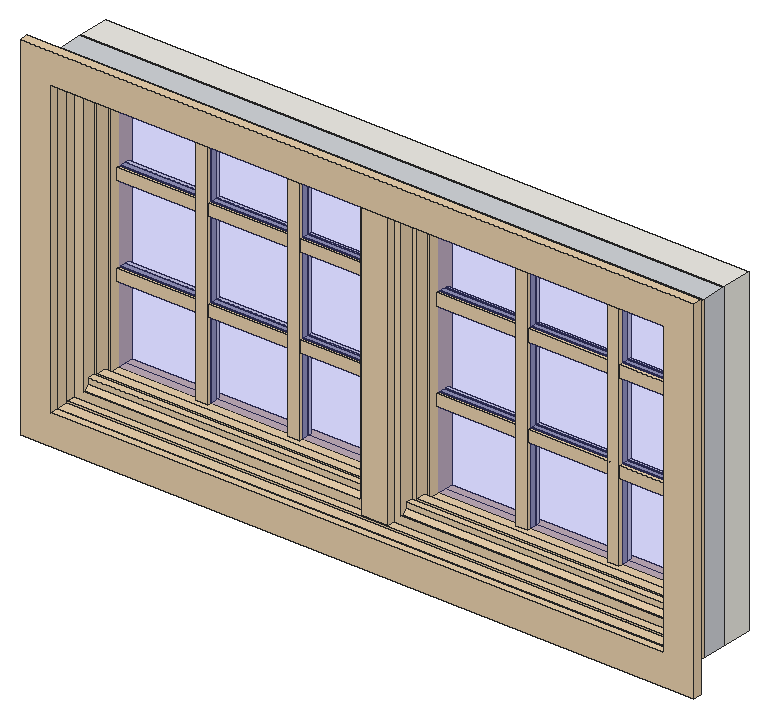
Revit family "1 Window-Awning-Andersen-400_Series_Twin", category Windows, host Wall, Revit 2014 (continued)
Definition of nested family "Andersen_Sash_Panel"
  Automatic sketch dimensions
    Extrusion 1 to Split face 2 sketch curve = 0' - 0"
    Extrusion 1 to Split face 3 sketch curve = 0' - 0"
    Split face 3 sketch curve to Extrusion 1 = 0' - 0"
    Split face 4 sketch curve to Extrusion 1 = 0' - 0"  (x2)
    Split face 5 sketch curve to Extrusion 1 = 0' - 0"  (x4)
    Split face 6 sketch curve to Extrusion 1 = 0' - 0"  (x2)
    Extrusion 1 to Split face 6 sketch curve = 0' - 0"  (x2)
    Extrusion 1 to Split face 7 sketch curve = 0' - 0"  (x2)
    Split face 7 sketch curve to Extrusion 1 = 0' - 0"  (x2)
    Split face 8 sketch curve to Extrusion 1 = 0' - 0"  (x4)
    curve 1 to plane 10 "GlazingA" = 0' - 0"
    curve 7 to plane 9 "Glazing Top" = 0' - 0"
    curve 3 to plane 9 "Glazing Top" = 0' - 0"
    curve 8 to plane 9 "Glazing Top" = 0' - 0"
    curve 7 to plane 7 "Glazing Bottom" = 0' - 0"
    curve 4 to plane 7 "Glazing Bottom" = 0' - 0"
    curve 8 to plane 7 "Glazing Bottom" = 0' - 0"
  Nested families (in)
    nested 1: "Andersen_Grille_Bar" at (8.15885, 0.65234, 17.40625) x (1, 0, 0) z (0, -1, 0), Bar Width <- "GrilleBarSize", Bar Length <- "BarLengthVertical", visible <- "MultipleVertBar Visibility", type "Andersen_Grille_Bar"
      with Center Line Length 2' - 7 7/8", Center Line 1, Bar Width 0' - 0 7/8", Bar Length 2' - 7 7/16"
    nested 2: "Andersen_Grille_Bar" at (15.00521, 0.65234, 17.40625) x (1, 0, 0) z (0, -1, 0), Bar Width <- "GrilleBarSize", Bar Length <- "BarLengthVertical", visible <- "MultipleVertBar Visibility", type "Andersen_Grille_Bar"
      with Center Line Length 2' - 7 7/8", Center Line 1, Bar Width 0' - 0 7/8", Bar Length 2' - 7 7/16"
    nested 3: "Andersen_Grille_Bar" at (11.58203, 0.65234, 17.40625) x (1, 0, 0) z (0, -1, 0), Bar Width <- "GrilleBarSize", visible <- "SingleVertBarVisibility", Bar Length <- "BarLengthVertical", type "Andersen_Grille_Bar"
      with Center Line Length 2' - 7 7/8", Center Line 1, Bar Width 0' - 0 7/8", Bar Length 2' - 7 7/16"
    nested 4: "Andersen_Grille_Bar" at (11.58203, 0.65234, 17.40625) x (0, 0, -1) z (0, -1, 0), Bar Width <- "GrilleBarSize", Bar Length <- "BarLengthHorizontal", visible <- "SingleHorBarVisibility", type "Andersen_Grille_Bar"
      with Center Line Length 1' - 8 13/128", Center Line 1, Bar Width 0' - 0 7/8", Bar Length 1' - 7 85/128"
    nested 5: "Andersen_Grille_Bar" at (11.58203, 0.65234, 12.02083) x (0, 0, 1) z (0, -1, 0), Bar Width <- "GrilleBarSize", Bar Length <- "BarLengthHorizontal", visible <- "MultipleHorBarVisibility", type "Andersen_Grille_Bar"
      with Center Line Length 1' - 8 13/128", Center Line 1, Bar Width 0' - 0 7/8", Bar Length 1' - 7 85/128"
    nested 6: "Andersen_Grille_Bar" at (11.58203, 0.65234, 22.79167) x (0, 0, 1) z (0, -1, 0), Bar Width <- "GrilleBarSize", Bar Length <- "BarLengthHorizontal", visible <- "MultipleHorBarVisibility", type "Andersen_Grille_Bar"
      with Center Line Length 1' - 8 13/128", Center Line 1, Bar Width 0' - 0 7/8", Bar Length 1' - 7 85/128"
    nested 7: "Andersen_Grille_Bar" at (11.58203, 0.65234, 25.48438) x (0, 0, -1) z (0, -1, 0), Bar Width <- "GrilleBarSize", Bar Length <- "BarLengthHorizontal", visible <- "S H Fractional", type "Andersen_Grille_Bar"
      with Center Line Length 1' - 8 13/128", Center Line 1, Bar Width 0' - 0 7/8", Bar Length 1' - 7 85/128"
  Definition of nested family "Andersen_Grille_Bar"
    Parameters (values of type "Andersen_Grille_Bar")
      Interior Bar Visibility = yes
      Interior Bar Thickness = 0' - 0 27/128"
      Interior Bar Material = Wood - Andersen - Pine
      Glass Pane Thickness = 0' - 0 1/8"
      Glass OA Thickness = 0' - 0 5/8"
      Exterior Bar Visibility = yes
      Exterior Bar Thickness = 0' - 0 27/128"
      Exterior Bar Finish = none
      Default Elevation = 4' - 0"
      Center Line Length [instance] = if(Center Line = 1, Bar Length + (Bar Width / 2), Bar Length)  # 0' - 4 7/16"
      Center Line [instance] = 1
      Between Glass Bar Visibility = yes
      Between Glass Bar Finish = Stainless Steel - Andersen - Standard
      Bar Width [instance] = 0' - 0 7/8"
      Bar Length [instance] = 0' - 4"
    Reference planes (in)
      plane 1 "Center (Front/Back)": y = 0
      plane 2 "a": z = 0
      plane 3 "Center (Left/Right)": x = 0
      plane 4 "1": x = -0.4375
      plane 5 "2": x = 0.4375
      plane 6: y = 2
      plane 7: y = -2
      plane 8 "b": z = -0.625
      plane 9: y = -2.4375
      plane 10 "a1": z = 12
      plane 11 "a2": z = -12
    Forms (in)
      Extrusion 1, solid
        sketch origin (0, 0, 0) x (1, 0, 0) y (0, 1, 0)
          loop
            line (-48, 48) -> (-48, -48) -> (48, -48) -> (48, 48) -> (-48, 48)
        from 0 to -12
      Extrusion 2, solid, material <- "Exterior Bar Finish", visible <- "Exterior Bar Visibility", detail levels fine
        sketch origin (0, 0, 0) x (1, 0, 0) y (0, 1, 0)
          loop
            line (-0.4375, 2) -> (-0.4375, -2) -> (0.4375, -2) -> (0.4375, 2) -> (-0.4375, 2)
        from 0 to 0.21094
      Extrusion 3, solid, material "Stainless Steel - Andersen - Standard" <- "Between Glass Bar Finish", visible <- "Between Glass Bar Visibility", detail levels fine
        sketch origin (0, 0, 0) x (1, 0, 0) y (0, 1, 0)
          loop
            line (-0.4375, 2) -> (-0.4375, -2) -> (0.4375, -2) -> (0.4375, 2) -> (-0.4375, 2)
        from -0.5 to -0.125
      Extrusion 4, solid, material "Wood - Andersen - Pine" <- "Interior Bar Material", visible <- "Interior Bar Visibility", detail levels fine
        sketch origin (0, 0, 0) x (1, 0, 0) y (0, 1, 0)
          loop
            line (-0.4375, 2) -> (-0.4375, -2) -> (0.4375, -2) -> (0.4375, 2) -> (-0.4375, 2)
        from -0.83594 to -0.625
    Lines and regions (in)
      model lines, style "GenericModel", detail levels coarse+medium
        curve 1: line (0, 2, 0) -> (0, -2.4375, 0)
      symbolic lines, style "GenericModel", detail levels coarse+medium
        curve 2: line (0, 2, 12) -> (0, -2.4375, 12)
    Dimensions and locks (in)
      "Glass OA Thickness": plane 2 "a" to plane 8 "b"
      "Exterior Bar Thickness": Extrusion 2 to Extrusion 2
      "Interior Bar Thickness": plane 8 "b" to Extrusion 4
      equal spacing: plane 4 "1", plane 3 "Center (Left/Right)", plane 5 "2"
      equal spacing: plane 6, plane 1 "Center (Front/Back)", plane 7
      "Bar Width": plane 4 "1" to plane 5 "2"
      "Bar Length": plane 6 to plane 7
      "Center Line Length": plane 6 to plane 9
      locked: plane 10 "a1" to plane 2 "a" at 12
      locked: plane 2 "a" to plane 11 "a2" at 12
      "Glass Pane Thickness": Extrusion 3 to plane 8 "b"
      "Glass Pane Thickness": plane 2 "a" to Extrusion 3
      aligned and locked: plane 2 "a" to Extrusion 1
      aligned and locked: level to Extrusion 1
      aligned and locked: Extrusion 2 to plane 2 "a"
      aligned and locked: Extrusion 2 to plane 4 "1"
      aligned and locked: plane 5 "2" to Extrusion 2
      aligned and locked: plane 6 to Extrusion 2
      aligned and locked: Extrusion 2 to plane 7
      aligned and locked: Extrusion 3 to plane 4 "1"
      aligned and locked: plane 5 "2" to Extrusion 3
      aligned and locked: plane 6 to Extrusion 3
      aligned and locked: Extrusion 3 to plane 7
      aligned and locked: plane 8 "b" to Extrusion 4
      aligned and locked: Extrusion 4 to plane 4 "1"
      aligned and locked: plane 5 "2" to Extrusion 4
      aligned and locked: plane 6 to Extrusion 4
      aligned and locked: Extrusion 4 to plane 7
      aligned and locked: plane 6 to curve 1
      aligned and locked: plane 9 to curve 1
      aligned and locked: curve 1 to plane 3 "Center (Left/Right)"
      aligned and locked: plane 6 to curve 2
      aligned and locked: plane 9 to curve 2
      aligned and locked: curve 2 to plane 3 "Center (Left/Right)"
    Automatic sketch dimensions
      Extrusion 1 sketch curve to Extrusion 1 sketch curve = 8' - 0"  (x2)
      plane 7 to Extrusion 2 sketch curve = 0' - 0"
      Extrusion 2 sketch curve to plane 5 "2" = 0' - 0 7/8"
      Extrusion 2 sketch curve to plane 6 = 0' - 0"
      Extrusion 2 sketch curve to Extrusion 2 sketch curve = 0' - 0 7/8"
      plane 7 to Extrusion 3 sketch curve = 0' - 0"
      Extrusion 3 sketch curve to plane 5 "2" = 0' - 0 7/8"
      Extrusion 3 sketch curve to plane 6 = 0' - 0"
      Extrusion 3 sketch curve to Extrusion 3 sketch curve = 0' - 0 7/8"
      Extrusion 4 sketch curve to plane 7 = 0' - 0"
      Extrusion 4 sketch curve to plane 5 "2" = 0' - 0 7/8"
      Extrusion 4 sketch curve to plane 6 = 0' - 0"
      Extrusion 4 sketch curve to Extrusion 4 sketch curve = 0' - 0 7/8"
